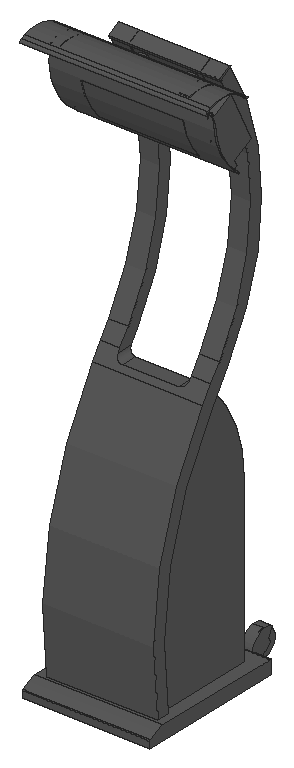
Revit family "Heater-Bromic-Tungsten-Gas-Portable_AU_23", category Mechanical Equipment, Revit 2020
Family settings
  Round Connector Dimension = Use Diameter
  Classification = None
  Part Type = Normal
  OmniClass Number = 23.75.10.17.14.14
  OmniClass Title = Fuel-Fired Radiant Heaters
  Work Plane-Based = Yes
  Always vertical = No
  Cut with Voids When Loaded = No
  Shared = No
  Room Calculation Point = No
Parameters (values of type "Tungsten Gas - LPG - Portable")
  _Without Heat Deflector [instance] = no
  Width = 482.6 mm  # constant formula
  Weight = 56.0187 kg  # constant formula
  URL = "https://www.bromic.com.au/product/tungsten-smart-heat-portable-na/"
  Show Clearance [instance] = no
  Screen Material = Metal-Steel-Bromic-Black
  ProductCode = "2620350-1"  # constant formula
  Product data url = "https://www.bimobject.com/bromic-heating/product/tungsten-smart-heat-portable"
  Mount Material = Metal-Steel-Bromic-Black
  Model = "Tungsten Smart-Heat™ Gas Portable"  # constant formula
  Material = Metal-Steel-Bromic-Black
  Manufacturer = "Bromic Heating"  # constant formula
  LPG = 1 = 1  # yes
  Height = 2159 mm  # constant formula
  Heater Material = Metal-Steel-Bromic-Black-Perforated
  Description = "The award-winning Bromic Tungsten Smart-Heat™ Portable heater offers efficient heating in a stylish, modular, and maneuverable design with a neutral black finish."  # constant formula
  Depth = 685.8 mm  # constant formula
  Default Elevation = 0 mm
  Connector Description = ""
  Approximate Heat Area = 20.00 m²  # constant formula
Reference planes
  plane 1 "Center (Front/Back)": y = 0
  plane 2: z = 0
  plane 3 "Center (Left/Right)": x = 0
Forms (mm)
  Extrusion 1, solid, material "Clearance Zone", visible <- "Show Clearance"
    sketch origin (0, 0, 0) x (0, 1, 0) y (-1, 0, 0)
      loop
        line (707.78, 1228.23) -> (-1200.656, 1228.23) -> (-1200.656, -1228.23) -> (707.78, -1228.23) -> (707.78, 1228.23)
    from 0 to 3073.4
  Extrusion 2, solid, material "Metal-Steel-Bromic-Black" <- "Material"
    sketch origin (0, 269.029, 1923.785) x (0, 0.139882, 0.990168) y (0, -0.990168, 0.139882)
      loop
        line (137.168, 254.105) -> (85.222, 328.291) -> (104.458, 341.76)
        arc (104.458, 341.76) -> (104.893, 343.141) -> (104.458, 344.521) r 2.407
        line (104.458, 344.521) -> (97.69, 354.188)
        arc (97.69, 354.188) -> (97.579, 354.819) -> (97.991, 355.31) r 0.758
        line (97.991, 355.31) -> (115.693, 357.796) -> (115.279, 360.738)
        arc (115.279, 360.738) -> (-29.599, 307.492) -> (-129.184, 189.562) r 301.711
        line (-129.184, 189.562) -> (-126.576, 188.175) -> (-118.238, 203.857)
        arc (-118.238, 203.857) -> (-117.592, 204.13) -> (-116.98, 203.79) r 0.8
        line (-116.98, 203.79) -> (-108.953, 192.327) -> (-89.412, 206.009) -> (-37.467, 131.824) -> (137.168, 254.105)
    from -289.306 to 289.306
  Extrusion 3, solid, material "Metal-Steel-Bromic-Black" <- "Material"
    sketch origin (0, 269.029, 1923.785) x (0, 0.139882, 0.990168) y (0, -0.990168, 0.139882)
      loop
        line (159.599, 272.909) -> (154.938, 266.607)
        arc (154.938, 266.607) -> (153.434, 264.054) -> (152.642, 261.198) r 11.351
        line (152.642, 261.198) -> (151.998, 256.622) -> (153.464, 256.415) -> (154.108, 260.992)
        arc (154.108, 260.992) -> (154.796, 263.475) -> (156.105, 265.695) r 9.851
        line (156.105, 265.695) -> (160.813, 272.06)
        arc (160.813, 272.06) -> (187.706, 352.045) -> (167.017, 433.855) r 149.544
        arc (167.017, 433.855) -> (162.665, 440.779) -> (157.942, 447.456) r 149.551
        arc (157.942, 447.456) -> (152.946, 451.848) -> (146.61, 453.876) r 16.287
        line (146.61, 453.876) -> (146.4, 452.41)
        arc (146.4, 452.41) -> (152.203, 450.567) -> (156.774, 446.545) r 14.806
        arc (156.774, 446.545) -> (161.442, 439.946) -> (165.742, 433.101) r 148.07
        arc (165.742, 433.101) -> (186.226, 352.102) -> (159.599, 272.909) r 148.064
    from -353.236 to 353.314
  Extrusion 4, solid, material "Metal-Steel-Bromic-Black" <- "Screen Material"
    sketch origin (0, 269.029, 1923.785) x (0, 0.139882, 0.990168) y (0, -0.990168, 0.139882)
      loop
        line (115.279, 360.738) -> (115.071, 362.225)
        arc (115.071, 362.225) -> (-30.459, 308.721) -> (-130.51, 190.267) r 303.211
        line (-130.51, 190.267) -> (-129.184, 189.562)
        arc (-129.184, 189.562) -> (-29.599, 307.492) -> (115.279, 360.738) r 301.711
    from -318.83 to 318.83
  Extrusion 5, void
    sketch origin (0, 36.878, 2094.623) x (0, -0.453353, 0.891331) y (-1, 0, 0)
      loop
        line (-13.353, 193.7) -> (-197.784, 193.7) -> (-197.784, -193.7) -> (-13.353, -193.7) -> (-13.353, 193.7)
    from 109.569 to 158.073
  Extrusion 6, void
    sketch origin (0, 269.029, 1923.785) x (1, 0, 0) y (0, -0.453353, 0.891331)
      loop
        arc (-313.83, 36.274) -> (-303.286, 10.818) -> (-277.83, 0.274) r 36
        line (-277.83, 0.274) -> (278.138, 0.274)
        arc (278.138, 0.274) -> (301.874, 9.208) -> (313.83, 31.574) r 36
        line (313.83, 31.574) -> (313.83, 270.401)
        arc (313.83, 270.401) -> (301.874, 292.767) -> (278.138, 301.701) r 36
        line (278.138, 301.701) -> (-277.83, 301.701)
        arc (-277.83, 301.701) -> (-303.286, 291.157) -> (-313.83, 265.701) r 36
        line (-313.83, 265.701) -> (-313.83, 36.274)
      loop
        line (-318.83, 310.701) -> (-318.83, -14.993) -> (318.83, -14.993) -> (318.83, 310.701) -> (-318.83, 310.701)
    from 220.039 to 280.729
  Extrusion 7, solid, material "Metal-Steel-Bromic-Black-Perforated" <- "Heater Material"
    sketch origin (0, 269.029, 1923.785) x (0, 0.139882, 0.990168) y (0, -0.990168, 0.139882)
      loop
        line (54.048, 348.504) -> (53.145, 349.794)
        arc (53.145, 349.794) -> (-30.608, 308.617) -> (-97.87, 243.918) r 303.211
        line (-97.87, 243.918) -> (-96.966, 242.627)
        arc (-96.966, 242.627) -> (-29.748, 307.388) -> (54.048, 348.504) r 301.711
    from -193.7 to 193.7
  Extrusion 8, solid, material "Metal-Steel-Bromic-Black" <- "Mount Material"
    sketch origin (0, 0, 0) x (0, 1, 0) y (0, 0, 1)
      loop
        arc (4.05, 1026.614) -> (-198.339, 560.387) -> (-212.174, 52.316) r 1337.508
        line (-212.174, 52.316) -> (-162.123, 52.316)
        arc (-162.123, 52.316) -> (-151.036, 545.706) -> (44.764, 998.717) r 1288.153
        line (44.764, 998.717) -> (83.819, 1055.716) -> (122.875, 1112.716)
        arc (122.875, 1112.716) -> (280.976, 1617.109) -> (129.726, 2123.598) r 903.188
        line (129.726, 2123.598) -> (86.153, 2099.968)
        arc (86.153, 2099.968) -> (231.634, 1619.677) -> (82.161, 1140.613) r 853.833
        line (82.161, 1140.613) -> (43.105, 1083.613) -> (4.05, 1026.614)
    from -209.757 to 209.757
  Extrusion 9, solid, material "Metal-Steel-Bromic-Black" <- "Mount Material"
    sketch origin (0, 0, 0) x (0, 1, 0) y (0, 0, 1)
      loop
        arc (-227.031, 52.316) -> (-257.279, 43.089) -> (-284.983, 27.841) r 152.999
        arc (-284.983, 27.841) -> (-285.919, 26.781) -> (-286.256, 25.408) r 2.961
        line (-286.256, 25.408) -> (-286.256, 0) -> (286.256, 0) -> (286.256, 49.355)
        arc (286.256, 49.355) -> (285.389, 51.448) -> (283.295, 52.316) r 2.961
        line (283.295, 52.316) -> (-227.031, 52.316)
    from -242.133 to 242.133
  Extrusion 10, solid, material "Metal-Steel-Bromic-Black" <- "Material"
    sketch origin (0, 0, 0) x (0, 1, 0) y (0, 0, 1)
      loop
        arc (224.168, 674.183) -> (185.002, 870.94) -> (73.475, 1037.701) r 513.804
        line (73.475, 1037.701) -> (71.651, 1037.957) -> (44.764, 998.717)
        arc (44.764, 998.717) -> (-151.036, 545.706) -> (-162.123, 52.316) r 1288.153
        line (-162.123, 52.316) -> (224.168, 52.316) -> (224.168, 674.183)
    from -190.5 to 190.5
  Extrusion 11, solid, material "Metal-Steel-Bromic-Black" <- "Mount Material"
    sketch origin (0, 0, 0) x (0, 1, 0) y (0, 0, 1)
      loop
        arc (345.189, 105.919) -> (305.606, 86.007) -> (286.256, 46.146) r 69.096
        line (286.256, 46.146) -> (286.256, 8.933) -> (293.659, 8.933)
        arc (293.659, 8.933) -> (321.971, 13.777) -> (347.612, 26.72) r 96.735
        arc (347.612, 26.72) -> (348.432, 27.368) -> (349.178, 28.1) r 9.871
        arc (349.178, 28.1) -> (356.911, 34.459) -> (363.945, 41.584) r 96.735
        arc (363.945, 41.584) -> (367.512, 53.725) -> (360.395, 64.188) r 14.806
        line (360.395, 64.188) -> (380.523, 99.052)
        arc (380.523, 99.052) -> (363.431, 105.442) -> (345.189, 105.919) r 55.277
    from 127.779 to 171.507
  Extrusion 12, solid, material "Metal-Steel-Bromic-Black" <- "Mount Material"
    sketch origin (0, 0, 0) x (0, 1, 0) y (0, 0, -1)
      loop
        arc (345.189, -105.919) -> (363.431, -105.442) -> (380.523, -99.052) r 55.277
        line (380.523, -99.052) -> (361.433, -65.987)
        arc (361.433, -65.987) -> (357.82, -62.374) -> (352.885, -61.052) r 9.871
        arc (352.885, -61.052) -> (343.44, -54.049) -> (347.395, -42.977) r 9.871
        arc (347.395, -42.977) -> (351.775, -34.906) -> (347.612, -26.72) r 9.871
        arc (347.612, -26.72) -> (321.971, -13.777) -> (293.659, -8.933) r 96.735
        line (293.659, -8.933) -> (286.256, -8.933) -> (286.256, -46.146)
        arc (286.256, -46.146) -> (305.606, -86.007) -> (345.189, -105.919) r 69.096
    from 127.779 to 171.507
  Extrusion 13, solid, material "Metal-Steel-Bromic-Black" <- "Mount Material"
    sketch origin (0, 0, 0) x (0, 1, 0) y (0, 0, 1)
      loop
        circle (352.885, 51.427) r 50.095
    from 136.564 to 162.722
  Extrusion 14, solid, material "Metal-Steel-Bromic-Black" <- "Mount Material"
    sketch origin (0, 0, 0) x (0, 1, 0) y (0, 0, -1)
      loop
        circle (352.885, -51.427) r 50.095
    from 136.564 to 162.722
  Extrusion 15, void
    sketch origin (0, 0, 0) x (1, 0, 0) y (0, 0, 1)
      loop
        line (-106.112, 1047.417) -> (106.112, 1047.417)
        spline (106.112, 1047.417) -> (109.977, 1047.626) -> (113.777, 1048.249) -> (117.445, 1049.276) -> (120.919, 1050.69) -> (124.139, 1052.465) -> (127.052, 1054.572) -> (129.606, 1056.974) -> (131.758, 1059.631) -> (133.471, 1062.497) -> (134.716, 1065.523) -> (135.472, 1068.657) -> (135.725, 1071.845)
        line (135.725, 1071.845) -> (135.725, 2220.6) -> (-135.725, 2220.6) -> (-135.725, 1071.845)
        spline (-135.725, 1071.845) -> (-135.472, 1068.657) -> (-134.716, 1065.523) -> (-133.471, 1062.497) -> (-131.758, 1059.631) -> (-129.606, 1056.974) -> (-127.052, 1054.572) -> (-124.139, 1052.465) -> (-120.919, 1050.69) -> (-117.445, 1049.276) -> (-113.777, 1048.249) -> (-109.977, 1047.626) -> (-106.112, 1047.417)
    from -381 to 127
  Extrusion 16, solid, material "Metal-Steel-Bromic-Black" <- "Material"
    sketch origin (0, 0, 0) x (0, 1, 0) y (0, 0, 1)
      loop
        arc (100.781, 2077.479) -> (91.6, 2066.938) -> (88.278, 2053.361) r 29.613
        line (88.278, 2053.361) -> (88.213, 2016.65)
        arc (88.213, 2016.65) -> (89.119, 2009.332) -> (91.804, 2002.464) r 29.613
        line (91.804, 2002.464) -> (98.73, 1989.713)
        arc (98.73, 1989.713) -> (103.03, 1983.721) -> (108.676, 1978.978) r 29.613
        line (108.676, 1978.978) -> (139.506, 1959.049)
        arc (139.506, 1959.049) -> (151.517, 1954.585) -> (164.289, 1955.614) r 29.613
        arc (164.289, 1955.614) -> (134.991, 2017.826) -> (100.781, 2077.479) r 853.833
    from 78.474 to 108.616
  Extrusion 17, solid, material "Metal-Steel-Bromic-Black" <- "Material"
    sketch origin (0, 0, 0) x (0, 1, 0) y (0, 0, 1)
      loop
        line (132.681, 1911.926) -> (151.956, 1987.453)
        arc (151.956, 1987.453) -> (150.255, 2002.815) -> (138.842, 2013.237) r 21.925
        line (138.842, 2013.237) -> (66.451, 2042.14) -> (64.163, 2040.977) -> (130.394, 1910.763) -> (132.681, 1911.926)
    from 58.732 to 78.474
  Extrusion 18, solid, material "Metal-Steel-Bromic-Black" <- "Material"
    sketch origin (0, 0, 0) x (0, 1, 0) y (0, 0, 1)
      loop
        line (133.283, 2115.532) -> (234.839, 1928.566) -> (289.964, 1958.509) -> (133.283, 2115.532)
    from -108.616 to 108.616
  Extrusion 19, solid, material "Metal-Steel-Bromic-Black" <- "Material"
    sketch origin (0, 0, 0) x (0, 1, 0) y (0, 0, 1)
      loop
        line (82.655, 2100.374) -> (87.744, 2091.006) -> (89.533, 2091.978) -> (85.416, 2099.557) -> (131.388, 2124.528) -> (130.417, 2126.317) -> (82.655, 2100.374)
    from -211.731 to 211.893
  Extrusion 20, solid, material "Metal-Steel-Bromic-Black" <- "Material"
    sketch origin (0, 0, 0) x (0, 1, 0) y (0, 0, 1)
      loop
        arc (86.153, 2099.968) -> (140.503, 2007.064) -> (182.732, 1908.061) r 853.833
        line (182.732, 1908.061) -> (229.26, 1924.525) -> (235.263, 1927.786) -> (129.089, 2123.253) -> (86.153, 2099.968)
    from -135.725 to 135.725
  Extrusion 21, solid, material "Metal-Steel-Bromic-Black" <- "Material"
    sketch origin (0, 0, 0) x (0, 1, 0) y (0, 0, -1)
      loop
        arc (100.781, -2077.479) -> (134.991, -2017.826) -> (164.289, -1955.614) r 853.833
        arc (164.289, -1955.614) -> (151.517, -1954.585) -> (139.506, -1959.049) r 29.613
        line (139.506, -1959.049) -> (108.676, -1978.978)
        arc (108.676, -1978.978) -> (103.03, -1983.721) -> (98.73, -1989.713) r 29.613
        line (98.73, -1989.713) -> (91.804, -2002.464)
        arc (91.804, -2002.464) -> (89.119, -2009.332) -> (88.213, -2016.65) r 29.613
        line (88.213, -2016.65) -> (88.278, -2053.361)
        arc (88.278, -2053.361) -> (91.6, -2066.938) -> (100.781, -2077.479) r 29.613
    from 78.474 to 108.616
  Extrusion 22, solid, material "Metal-Steel-Bromic-Black" <- "Material"
    sketch origin (0, 0, 0) x (0, 1, 0) y (0, 0, -1)
      loop
        line (132.681, -1911.926) -> (130.394, -1910.763) -> (64.163, -2040.977) -> (66.451, -2042.14) -> (138.842, -2013.237)
        arc (138.842, -2013.237) -> (150.255, -2002.815) -> (151.956, -1987.453) r 21.925
        line (151.956, -1987.453) -> (132.681, -1911.926)
    from 58.732 to 78.474
  Extrusion 23, solid, material "Metal-Steel-Bromic-Black" <- "Material"
    sketch origin (76.2, 269.029, 1923.785) x (0, 0.139882, 0.990168) y (0, 0.990168, -0.139882)
      loop
        line (150.066, -260.694) -> (89.666, -218.401) -> (88.519, -220.04) -> (148.804, -262.252)
        arc (148.804, -262.252) -> (183.297, -340.174) -> (168.445, -424.086) r 146.089
        line (168.445, -424.086) -> (170.204, -424.982)
        arc (170.204, -424.982) -> (185.235, -339.762) -> (150.066, -260.694) r 148.064
    from -189.701 to -150
  Extrusion 24, solid, material "Metal-Steel-Bromic-Black" <- "Material"
    sketch origin (-76.2, 269.029, 1923.785) x (0, 0.139882, 0.990168) y (0, -0.990168, 0.139882)
      loop
        arc (150.066, 260.694) -> (185.235, 339.762) -> (170.204, 424.982) r 148.064
        line (170.204, 424.982) -> (168.445, 424.086)
        arc (168.445, 424.086) -> (183.297, 340.174) -> (148.804, 262.252) r 146.089
        line (148.804, 262.252) -> (88.519, 220.04) -> (89.666, 218.401) -> (150.066, 260.694)
    from -189.701 to -150
Cuts and joins
  Extrusion 5 cuts Extrusion 2
  Extrusion 5, Extrusion 6 cuts Extrusion 4
  Extrusion 15 cuts Extrusion 8
Lines and regions (mm)
  Masking region 1, visible <- "_Without Heat Deflector"
    outline origin (0, 0, 2110.5) x (0, 1, 0) y (-1, 0, 0)
      loop
        spline (63.26, 291.345) -> (61.733, 294.727) -> (59.962, 297.864) -> (57.938, 300.762) -> (55.684, 303.412) -> (53.243, 305.79) -> (50.656, 307.878) -> (47.951, 309.665) -> (45.155, 311.144) -> (42.295, 312.308) -> (39.398, 313.147) -> (36.485, 313.654) -> (33.556, 313.83)
        line (33.556, 313.83) -> (-72.731, 313.83)
        spline (-72.731, 313.83) -> (-73.12, 313.535) -> (-73.423, 312.672) -> (-73.642, 311.249) -> (-73.783, 309.286) -> (-73.854, 306.803) -> (-73.865, 303.821) -> (-73.83, 300.37) -> (-73.767, 296.484) -> (-73.691, 292.202) -> (-73.622, 287.604) -> (-73.573, 282.808) -> (-73.555, 277.83)
        line (-73.555, 277.83) -> (-73.555, 242.133) -> (-286.256, 242.133) -> (-286.256, -242.133) -> (-73.555, -242.133) -> (-73.555, -277.83)
        spline (-73.555, -277.83) -> (-73.573, -282.808) -> (-73.622, -287.604) -> (-73.691, -292.202) -> (-73.767, -296.484) -> (-73.83, -300.37) -> (-73.865, -303.821) -> (-73.854, -306.803) -> (-73.783, -309.286) -> (-73.642, -311.249) -> (-73.423, -312.672) -> (-73.12, -313.535) -> (-72.731, -313.83)
        line (-72.731, -313.83) -> (33.556, -313.83)
        spline (33.556, -313.83) -> (36.485, -313.654) -> (39.398, -313.147) -> (42.295, -312.308) -> (45.155, -311.144) -> (47.951, -309.665) -> (50.656, -307.878) -> (53.243, -305.79) -> (55.684, -303.412) -> (57.938, -300.762) -> (59.962, -297.864) -> (61.733, -294.727) -> (63.26, -291.345)
        line (63.26, -291.345) -> (63.26, -289.306) -> (133.26, -289.306) -> (133.26, -242.133) -> (286.256, -242.133) -> (286.256, -171.507) -> (380.523, -171.507) -> (380.523, -162.722) -> (402.98, -162.722) -> (402.98, -136.564) -> (380.523, -136.564) -> (380.523, -127.779) -> (286.256, -127.779) -> (286.256, -108.616) -> (289.964, -108.616) -> (289.964, 108.616) -> (286.256, 108.616) -> (286.256, 127.779) -> (380.523, 127.779) -> (380.523, 136.564) -> (402.98, 136.564) -> (402.98, 162.722) -> (380.523, 162.722) -> (380.523, 171.507) -> (286.256, 171.507) -> (286.256, 242.133) -> (133.26, 242.133) -> (133.26, 289.306) -> (63.26, 289.306) -> (63.26, 291.345)
  Masking region 2
    outline origin (0, 0, 2110.5) x (0, 1, 0) y (-1, 0, 0)
      loop
        spline (63.26, 291.345) -> (61.994, 294.572) -> (60.489, 297.581) -> (58.737, 300.38) -> (56.757, 302.958) -> (54.591, 305.291) -> (52.276, 307.359) -> (49.836, 309.154) -> (47.297, 310.665) -> (44.683, 311.884) -> (42.02, 312.802) -> (39.326, 313.412) -> (36.601, 313.714)
        line (36.601, 313.714) -> (36.601, 353.236) -> (-159.877, 353.236) -> (-159.877, 242.133) -> (-286.256, 242.133) -> (-286.256, -242.133) -> (-159.877, -242.133) -> (-159.877, -353.314) -> (36.601, -353.314) -> (36.601, -313.714)
        spline (36.601, -313.714) -> (39.326, -313.412) -> (42.02, -312.802) -> (44.683, -311.884) -> (47.297, -310.665) -> (49.836, -309.154) -> (52.276, -307.359) -> (54.591, -305.291) -> (56.757, -302.958) -> (58.737, -300.38) -> (60.489, -297.581) -> (61.994, -294.572) -> (63.26, -291.345)
        line (63.26, -291.345) -> (63.26, -289.306) -> (133.26, -289.306) -> (133.26, -242.133) -> (286.256, -242.133) -> (286.256, -171.507) -> (380.523, -171.507) -> (380.523, -162.722) -> (402.98, -162.722) -> (402.98, -136.564) -> (380.523, -136.564) -> (380.523, -127.779) -> (286.256, -127.779) -> (286.256, -108.616) -> (289.964, -108.616) -> (289.964, 108.616) -> (286.256, 108.616) -> (286.256, 127.779) -> (380.523, 127.779) -> (380.523, 136.564) -> (402.98, 136.564) -> (402.98, 162.722) -> (380.523, 162.722) -> (380.523, 171.507) -> (286.256, 171.507) -> (286.256, 242.133) -> (133.26, 242.133) -> (133.26, 289.306) -> (63.26, 289.306) -> (63.26, 291.345)
  symbolic lines
    curve 1: line (-162.722, 380.523, 2110.5) -> (-136.564, 380.523, 2110.5)
    curve 2: line (-171.507, 286.256, 2110.5) -> (-127.779, 286.256, 2110.5)
    curve 3: line (162.722, 380.523, 2110.5) -> (136.564, 380.523, 2110.5)
    curve 4: line (171.507, 286.256, 2110.5) -> (127.779, 286.256, 2110.5)
    curve 5: line (-211.731, 82.655, 2110.5) -> (211.893, 82.655, 2110.5)
    curve 6: line (-211.731, 131.388, 2110.5) -> (-211.731, 82.655, 2110.5)
    curve 7: line (211.893, 131.388, 2110.5) -> (-211.731, 131.388, 2110.5)
    curve 8: line (211.893, 82.655, 2110.5) -> (211.893, 131.388, 2110.5)
    curve 9: line (135.725, 131.388, 2110.5) -> (135.725, 280.996, 2110.5)
    curve 10: line (135.725, 280.996, 2110.5) -> (209.757, 280.996, 2110.5)
    curve 11: line (209.757, 280.996, 2110.5) -> (209.757, 131.388, 2110.5)
    curve 12: line (242.133, 133.26, 2110.5) -> (209.757, 133.26, 2110.5)
    curve 13: line (-242.133, 133.26, 2110.5) -> (-209.757, 133.26, 2110.5)
    curve 14: line (-209.757, 131.388, 2110.5) -> (-209.757, 280.996, 2110.5)
    curve 15: line (-209.757, 280.996, 2110.5) -> (-135.725, 280.996, 2110.5)
    curve 16: line (-135.725, 280.996, 2110.5) -> (-135.725, 131.388, 2110.5)
    curve 17: line (-108.616, 286.256, 2110.5) -> (-108.616, 131.388, 2110.5)
    curve 18: line (108.616, 131.388, 2110.5) -> (108.616, 286.256, 2110.5)
    curve 19: line (-135.725, 235.263, 2110.5) -> (-108.616, 235.263, 2110.5)
    curve 20: line (108.616, 235.263, 2110.5) -> (135.725, 235.263, 2110.5)
    curve 21: line (-289.306, 63.26, 2110.5) -> (-289.306, 36.61, 2110.5)
    curve 22: line (289.306, 63.26, 2110.5) -> (289.306, 36.61, 2110.5)
    curve 23: line (-313.585, 36.61, 2110.5) -> (-289.306, 36.61, 2110.5)
    curve 24: line (-209.757, -159.877, 2110.5) -> (-209.757, -230.108, 2110.5)
    curve 25: line (-209.757, -230.108, 2110.5) -> (209.757, -230.108, 2110.5)
    curve 26: line (209.757, -230.108, 2110.5) -> (209.757, -159.877, 2110.5)
    curve 27: line (58.732, 82.655, 2110.5) -> (58.732, 64.163, 2110.5)
    curve 28: line (58.732, 64.163, 2110.5) -> (78.474, 64.163, 2110.5)
    curve 29: line (78.474, 64.163, 2110.5) -> (78.474, 82.655, 2110.5)
    curve 30: line (-58.732, 82.655, 2110.5) -> (-58.732, 64.163, 2110.5)
    curve 31: line (-58.732, 64.163, 2110.5) -> (-78.474, 64.163, 2110.5)
    curve 32: line (-78.474, 64.163, 2110.5) -> (-78.474, 82.655, 2110.5)
    curve 42: line (-289.306, 36.61, 2110.5) -> (289.306, 36.61, 2110.5)
    curve 43: line (289.306, 36.61, 2110.5) -> (313.83, 36.61, 2110.5)
    curve 44: line (-242.133, -159.877, 2110.5) -> (242.133, -159.877, 2110.5)
    curve 45: line (-353.236, 27.782, 2110.5) -> (353.314, 27.782, 2110.5)
    curve 46: line (353.314, 22.139, 2110.5) -> (-353.236, 22.139, 2110.5)
    curve 47: line (-265.901, 36.61, 2110.5) -> (-265.901, 65.317, 2110.5)
    curve 48: line (-265.901, 65.317, 2110.5) -> (-226.2, 65.317, 2110.5)
    curve 49: line (-226.2, 65.317, 2110.5) -> (-226.2, 36.61, 2110.5)
    curve 50: line (265.901, 36.61, 2110.5) -> (265.901, 65.317, 2110.5)
    curve 51: line (265.901, 65.317, 2110.5) -> (226.2, 65.317, 2110.5)
    curve 52: line (226.2, 65.317, 2110.5) -> (226.2, 36.61, 2110.5)
  symbolic lines, visible <- "_Without Heat Deflector"
    curve 33: line (-242.133, -73.555, 2110.5) -> (242.133, -73.555, 2110.5)
    curve 34: line (209.757, -159.877, 2110.5) -> (209.757, -73.555, 2110.5)
    curve 35: line (-209.757, -159.877, 2110.5) -> (-209.757, -73.555, 2110.5)
    curve 36: line (-289.306, 36.61, 2110.5) -> (-289.306, -72.036, 2110.5)
    curve 37: line (-289.306, -72.036, 2110.5) -> (289.306, -72.036, 2110.5)
    curve 38: line (289.306, -72.036, 2110.5) -> (289.306, 36.61, 2110.5)
    curve 39: line (289.306, -44.113, 2110.5) -> (-289.306, -44.113, 2110.5)
    curve 40: line (-289.306, -54.759, 2110.5) -> (289.306, -54.759, 2110.5)
    curve 41: line (289.306, -69.048, 2110.5) -> (-289.306, -69.048, 2110.5)
  symbolic lines, style "Clearance", visible <- "Show Clearance"
    curve 53: line (-1228.23, 707.78, 2110.5) -> (1228.23, 707.78, 2110.5)
    curve 54: line (-1228.23, -1200.656, 2110.5) -> (-1228.23, 707.78, 2110.5)
    curve 55: line (1228.23, -1200.656, 2110.5) -> (-1228.23, -1200.656, 2110.5)
    curve 56: line (1228.23, 707.78, 2110.5) -> (1228.23, -1200.656, 2110.5)
    curve 57: line (-1228.23, 0, 3073.4) -> (1228.23, 0, 3073.4)
    curve 58: line (-1228.23, 0, 0) -> (-1228.23, 0, 3073.4)
    curve 59: line (1228.23, 0, 0) -> (-1228.23, 0, 0)
    curve 60: line (1228.23, 0, 3073.4) -> (1228.23, 0, 0)
    curve 61: line (0, 707.78, 3073.4) -> (0, -1200.656, 3073.4)
    curve 62: line (0, 707.78, 0) -> (0, 707.78, 3073.4)
    curve 63: line (0, -1200.656, 0) -> (0, 707.78, 0)
    curve 64: line (0, -1200.656, 3073.4) -> (0, -1200.656, 0)
Dimensions and locks
  radius of Extrusion 6 sketch curve = 36 mm  (x4)
  aligned and locked: level to plane 2
